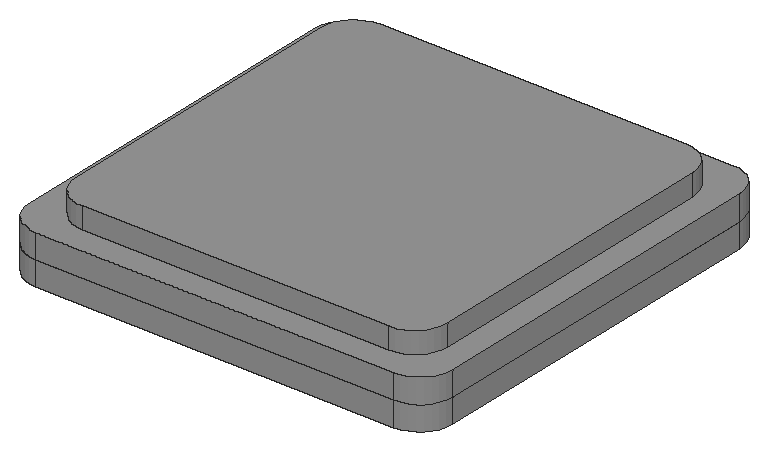
Revit family "FMS2_63_UN_Surface-mounted_ETK", category Lighting Fixtures, Revit 2019 (continued)
Definition of nested family "FMS.2 - Lightsource"
  Types (14, lengths in mm): name | Wattage Comments | Wattage | built-in parameter 1150134 | Photometric Web File | built-in parameter 1150142 | built-in parameter 1150105 | Lumens | built-in parameter 1150107 | built-in parameter 1150106 | Apparent Load
      .4653\t461.567\t460.6688\r\n459.6422\t458.744\t457.7174\t456.6909\t455.6643\t454.5094\t453.4829\t452.4563\t451.3014\t449.505\r\n447.5802\t445.6554\t443.7306\t441.8058\t439.881\t437.8278\t435.6464\t433.5933\t431.5402\t429.487\r\n427.4339\t425.2525\t423.1994\t421.1462\t418.8365\t416.655\t414.4736\t412.2922\t410.1107\t407.801\r\n405.4912\t403.1814\t400.7434\t398.5619\t396.2522\t393.6858\t390.8627\t388.0397\t385.2166\t382.2653\r\n379.4422\t376.4909\t373.4112\t370.4598\t367.5085\t364.5571\t361.6058\t358.7827\t355.8314\t352.88\r\n349.9286\t346.9773\t344.1542\t341.2029\t338.2515\t335.1718\t332.2205\t329.2691\t326.3178\t323.1098\r\n319.7734\t316.3088\t312.8442\t309.3795\t306.0432\t302.7069\t299.2422\t295.9059\t292.5696\t289.2333\r\n285.897\t282.4323\t279.096\t275.7597\t272.295\t268.9587\t265.6224\t262.2861\t258.9498\t255.7418\r\n252.2771\t248.8125\t245.2195\t241.7549\t238.1619\t234.6973\t231.1043\t227.6397\t224.175\t220.7104\r\n217.1174\t213.7811\t210.3165\t206.8518\t203.3872\t200.0509\t196.5862\t193.2499\t189.7853\t186.3206\r\n182.5994\t179.0064\t175.5418\t171.9488\t168.3558\t164.8912\t161.4266\t157.8336\t154.2406\t150.776\r\n147.183\t143.7184\t140.2538\t136.6608\t133.1962\t129.7315\t126.3439\t122.9691\t119.5942\t116.2323\r\n112.8831\t109.5468\t106.2105\t102.8998\t99.602\t96.3042\t93.0192\t89.747\t86.4877\t83.2412\r\n79.9947\t76.7482\t73.8867\t71.0764\t68.2791\t65.4945\t62.71\t59.9383\t57.1794\t54.4205\r\n51.6745\t48.9284\t46.1952\t43.462\t40.7288\t38.0084\t34.8004\t29.7702\t24.7401\t19.71\r\n14.6798\t9.6548\t4.6259\t0\t0\t0\t0\t0\t0\t0\r\n0\r\n473.6291\t473.1158\t472.6026\t471.961\t471.4477\t470.8061\t470.2928\t469.6512\t469.0096\t468.368\r\n467.7264\t466.9565\t466.1866\t465.4166\t464.6467\t463.8768\t463.1069\t462.337\t461.567\t460.7971\r\n459.8989\t458.8723\t457.9741\t457.0758\t456.0493\t455.0227\t453.9962\t452.0714\t450.2749\t448.4784\r\n446.6819\t444.7571\t442.8323\t440.9075\t438.9827\t437.0579\t435.1331\t433.2083\t431.1552\t429.1021\r\n427.049\t424.9958\t422.9427\t420.8896\t418.7082\t416.655\t414.6019\t412.5488\t410.3674\t408.1859\r\n406.0045\t403.823\t401\t398.177\t395.4822\t392.5309\t389.7078\t386.7565\t383.9334\t381.2387\r\n378.4157\t375.5926\t372.7696\t369.9466\t367.1235\t364.3005\t361.4774\t358.6544\t355.703\t352.88\r\n350.057\t347.2339\t344.2826\t341.4595\t338.5082\t335.1718\t331.8355\t328.6275\t325.2912\t321.9549\r\n318.6186\t315.2822\t311.9459\t308.6096\t305.2733\t301.937\t298.6006\t295.2643\t291.928\t288.72\r\n285.3837\t282.0474\t278.8394\t275.503\t272.295\t268.9587\t265.4941\t261.9011\t258.4365\t254.9718\r\n251.5072\t248.0426\t244.5779\t241.1133\t237.5203\t234.0557\t230.591\t227.1264\t223.6618\t220.1971\r\n216.8608\t213.3962\t209.9315\t206.5952\t203.2589\t199.7942\t196.2013\t192.6083\t189.0154\t185.4224\r\n181.8294\t178.2365\t174.6435\t171.1789\t167.5859\t164.1213\t160.5283\t157.0637\t153.599\t150.1344\r\n146.5414\t143.0768\t139.6122\t136.1475\t132.8112\t129.3466\t125.9461\t122.5584\t119.1708\t115.796\r\n112.4212\t109.0592\t105.71\t102.3609\t99.0245\t95.7011\t92.3904\t89.0797\t85.7819\t82.5483\r\n79.6739\t76.8124\t73.9508\t71.1021\t68.2534\t65.4175\t62.5817\t59.7458\t56.9099\t54.0997\r\n51.2767\t48.4665\t45.6563\t42.8589\t40.0615\t36.43\t31.4641\t26.4981\t21.5321\t16.5533\r\n11.5873\t6.6187\t1.6476\t0\t0\t0\t0\t0\t0\t0\r\n0\r\n473.6291\t473.1158\t472.4742\t471.961\t471.3194\t470.6778\t470.1645\t469.5229\t468.8813\t468.2397\r\n467.5981\t466.9565\t466.1866\t465.4166\t464.6467\t463.8768\t463.1069\t462.337\t461.567\t460.7971\r\n460.0272\t459.2573\t458.359\t457.4608\t456.5626\t455.0227\t453.2262\t451.4298\t449.6333\t447.7085\r\n445.912\t444.1155\t442.1907\t440.3942\t438.4694\t436.5446\t434.6198\t432.695\t430.7702\t428.8454\r\n426.9206\t424.9958\t423.071\t421.0179\t418.9648\t417.04\t414.9869\t412.9338\t410.7523\t408.0576\r\n405.3629\t402.6682\t399.9734\t397.2787\t394.584\t391.761\t389.0662\t386.2432\t383.5485\t380.7254\r\n377.9024\t375.2077\t372.3846\t369.6899\t366.8669\t364.1722\t361.3491\t358.6544\t355.9597\t353.265\r\n350.4419\t347.3622\t344.0259\t340.8179\t337.4816\t334.1453\t330.9373\t327.601\t324.393\t321.0566\r\n317.8486\t314.5123\t311.3043\t307.968\t304.76\t301.552\t298.344\t295.0077\t291.7997\t288.5917\r\n285.2554\t282.0474\t278.711\t275.1181\t271.6534\t268.1888\t264.7242\t261.2595\t257.7949\t254.4586\r\n250.9939\t247.5293\t244.0646\t240.6\t237.2637\t233.799\t230.3344\t226.9981\t223.5334\t220.0688\r\n216.7325\t213.2678\t209.6749\t206.0819\t202.489\t199.0243\t195.4314\t191.8384\t188.2454\t184.7808\r\n181.1878\t177.7232\t174.1302\t170.5373\t167.0726\t163.4797\t160.015\t156.5504\t152.9574\t149.4928\r\n146.0282\t142.6918\t139.2272\t135.8909\t132.4262\t129.0899\t125.7023\t122.3018\t118.9141\t115.5265\r\n112.1388\t108.764\t105.3892\t102.0144\t98.6396\t95.2776\t91.9156\t88.6306\t85.6664\t82.7279\r\n79.7765\t76.8508\t73.9252\t71.0123\t68.0994\t65.2122\t62.325\t59.4507\t56.5635\t53.6891\r\n50.8276\t47.966\t45.0916\t42.2429\t38.4703\t33.5428\t28.6154\t23.675\t18.7476\t13.8201\r\n8.8849\t3.9535\t0\t0\t0\t0\t0\t0\t0\t0\r\n0\r\n473.6291\t473.1158\t472.4742\t471.8326\t471.191\t470.6778\t470.0362\t469.3946\t468.753\t468.1114\r\n467.4698\t466.8282\t466.1866\t465.4166\t464.6467\t464.0051\t463.2352\t462.4653\t461.6954\t460.9254\r\n460.1555\t459.3856\t458.6157\t457.8458\t456.1776\t454.3811\t452.5846\t450.7882\t448.9917\t447.1952\r\n445.3987\t443.6022\t441.8058\t440.0093\t438.2128\t436.288\t434.4915\t432.5667\t430.6419\t428.8454\r\n426.9206\t424.9958\t423.071\t421.1462\t419.3498\t417.425\t415.2435\t412.5488\t409.9824\t407.2877\r\n404.593\t401.8982\t399.2035\t396.5088\t393.9424\t391.1194\t388.553\t385.8582\t383.1635\t380.4688\r\n377.7741\t375.0794\t372.513\t369.8182\t366.9952\t364.3005\t361.6058\t358.911\t355.8314\t352.6234\r\n349.4154\t346.2074\t342.9994\t339.7914\t336.5834\t333.3754\t330.1674\t326.9594\t323.7514\t320.5434\r\n317.3354\t314.1274\t310.9194\t307.7114\t304.6317\t301.4237\t298.2157\t295.0077\t291.928\t288.4634\r\n284.9987\t281.5341\t278.0694\t274.6048\t271.1402\t267.6755\t264.2109\t260.7462\t257.4099\t253.9453\r\n250.609\t247.1443\t243.808\t240.3434\t237.007\t233.6707\t230.2061\t226.8698\t223.5334\t219.9405\r\n216.3475\t212.7546\t209.1616\t205.5686\t201.9757\t198.3827\t194.9181\t191.3251\t187.8605\t184.2675\r\n180.8029\t177.2099\t173.7453\t170.2806\t166.6877\t163.223\t159.6301\t156.1654\t152.7008\t149.2362\r\n145.7715\t142.3069\t138.9706\t135.5059\t132.0413\t128.705\t125.266\t121.8655\t118.4779\t115.0774\r\n111.6897\t108.3021\t104.9144\t101.5396\t98.1648\t94.79\t91.8001\t88.8231\t85.8461\t82.8691\r\n79.9049\t76.9407\t73.9893\t71.038\t68.0866\t65.1352\t62.1839\t59.2453\t56.294\t53.3555\r\n50.4169\t47.4784\t44.5399\t40.8956\t35.9809\t31.0791\t26.1644\t21.2626\t16.3608\t11.45\r\n6.5443\t1.6399\t0\t0\t0\t0\t0\t0\t0\t0\r\n0\r\n473.6291\t473.1158\t472.4742\t471.8326\t471.191\t470.5494\t469.9078\t469.2662\t468.6246\t467.983\r\n467.3414\t466.6998\t466.0582\t465.4166\t464.775\t464.0051\t463.3635\t462.5936\t461.8237\t461.1821\r\n460.4122\t459.6422\t458.8723\t457.2042\t455.4077\t453.7395\t452.0714\t450.2749\t448.6067\t446.9386\r\n445.1421\t443.3456\t441.5491\t439.7526\t437.9562\t436.1597\t434.3632\t432.5667\t430.7702\t428.9738\r\n427.1773\t425.2525\t423.456\t421.6595\t419.6064\t416.9117\t414.3453\t411.7789\t409.0842\t406.5178\r\n403.9514\t401.2566\t398.6902\t396.1238\t393.5574\t390.8627\t388.2963\t385.7299\t383.0352\t380.4688\r\n377.7741\t375.2077\t372.513\t369.8182\t367.2518\t364.5571\t361.3491\t358.2694\t355.0614\t351.8534\r\n348.7738\t345.5658\t342.3578\t339.2781\t336.0701\t332.9904\t329.7824\t326.5744\t323.4947\t320.2867\r\n317.207\t313.999\t310.791\t307.7114\t304.5034\t301.2954\t298.0874\t294.6227\t291.1581\t287.8218\r\n284.3571\t280.8925\t277.5562\t274.0915\t270.7552\t267.2906\t263.8259\t260.4896\t257.1533\t253.6886\r\n250.3523\t247.016\t243.5514\t240.215\t236.8787\t233.5424\t230.0778\t226.4848\t222.8918\t219.4272\r\n215.8342\t212.2413\t208.6483\t205.0554\t201.5907\t197.9978\t194.4048\t190.9402\t187.3472\t183.8826\r\n180.2896\t176.825\t173.3603\t169.7674\t166.3027\t162.8381\t159.3734\t155.9088\t152.4442\t148.9795\r\n145.5149\t142.1786\t138.7139\t135.2493\t131.913\t128.4483\t125.035\t121.6089\t118.1956\t114.7694\r\n111.3689\t107.9556\t104.5551\t101.1547\t97.9467\t94.944\t91.9284\t88.9258\t85.9102\t82.9076\r\n79.9049\t76.9022\t73.8995\t70.9096\t67.9069\t64.9171\t61.9272\t58.9374\t55.9604\t52.9705\r\n49.9935\t47.0036\t43.7186\t38.8296\t33.9278\t29.0388\t24.137\t19.248\t14.359\t9.4598\r\n4.5656\t0\t0\t0\t0\t0\t0\t0\t0\t0\r\n0\r\n473.6291\t472.9875\t472.3459\t471.7043\t471.191\t470.5494\t469.9078\t469.2662\t468.6246\t467.983\r\n467.3414\t466.6998\t466.0582\t465.4166\t464.6467\t464.0051\t463.3635\t462.7219\t462.0803\t461.3104\r\n460.6688\t459.8989\t458.4874\t456.8192\t455.151\t453.3546\t451.6864\t449.8899\t448.2218\t446.4253\r\n444.7571\t443.089\t441.2925\t439.6243\t437.8278\t436.1597\t434.3632\t432.5667\t430.7702\t428.9738\r\n427.1773\t425.3808\t423.7126\t421.4029\t418.8365\t416.3984\t413.832\t411.2656\t408.6992\t406.1328\r\n403.5664\t401\t398.4336\t395.8672\t393.3008\t390.7344\t388.168\t385.6016\t383.0352\t380.4688\r\n377.9024\t375.336\t372.7696\t370.0749\t367.1235\t363.9155\t360.8358\t357.6278\t354.5482\t351.4685\r\n348.2605\t345.1808\t342.1011\t339.0214\t335.8134\t332.7338\t329.6541\t326.4461\t323.3664\t320.1584\r\n317.0787\t313.999\t310.791\t307.7114\t304.375\t301.0387\t297.5741\t294.2378\t290.7731\t287.4368\r\n283.9722\t280.6358\t277.1712\t273.8349\t270.4986\t267.0339\t263.6976\t260.3613\t256.8966\t253.5603\r\n250.224\t246.8877\t243.423\t240.0867\t236.6221\t233.1574\t229.5645\t226.0998\t222.5069\t218.9139\r\n215.4493\t211.8563\t208.3917\t204.7987\t201.3341\t197.7411\t194.2765\t190.6835\t187.2189\t183.6259\r\n180.1613\t176.5683\t173.1037\t169.5107\t166.0461\t162.5814\t159.1168\t155.7805\t152.3158\t148.8512\r\n145.3866\t141.9219\t138.4573\t134.9926\t131.528\t128.1532\t124.7142\t121.2752\t117.8491\t114.4101\r\n110.984\t107.5578\t104.1188\t101.0007\t97.9723\t94.944\t91.9156\t88.8873\t85.8589\t82.8434\r\n79.815\t76.7995\t73.784\t70.7556\t67.7401\t64.7246\t61.7091\t58.6936\t55.678\t52.6625\r\n49.6598\t46.6443\t42.089\t37.2\t32.2981\t27.4092\t22.5073\t17.6183\t12.7255\t7.8314\r\n2.9372\t0\t0\t0\t0\t0\t0\t0\t0\t0\r\n0\r\n473.6291\t472.9875\t472.3459\t471.7043\t471.0627\t470.4211\t469.7795\t469.1379\t468.4963\t467.8547\r\n467.2131\t466.5715\t465.9299\t465.2883\t464.6467\t464.0051\t463.3635\t462.7219\t462.0803\t461.4387\r\n460.7971\t459.7706\t458.1024\t456.5626\t454.7661\t453.0979\t451.4298\t449.7616\t448.0934\t446.4253\r\n444.6288\t442.9606\t441.2925\t439.496\t437.8278\t436.1597\t434.3632\t432.695\t430.8986\t429.2304\r\n427.4339\t425.7658\t423.456\t421.0179\t418.4515\t415.8851\t413.447\t410.8806\t408.3142\t405.8762\r\n403.3098\t400.7434\t398.177\t395.6106\t393.0442\t390.6061\t388.0397\t385.4733\t383.0352\t380.4688\r\n377.9024\t375.336\t372.6413\t369.5616\t366.4819\t363.4022\t360.3226\t357.2429\t354.1632\t351.0835\r\n348.0038\t344.9242\t341.7162\t338.6365\t335.5568\t332.4771\t329.3974\t326.3178\t323.2381\t320.1584\r\n317.0787\t313.999\t310.9194\t307.4547\t304.1184\t300.6538\t297.3174\t293.9811\t290.5165\t287.1802\r\n283.8438\t280.3792\t277.0429\t273.7066\t270.3702\t266.9056\t263.5693\t260.233\t256.7683\t253.432\r\n250.0957\t246.7594\t243.2947\t239.8301\t236.2371\t232.7725\t229.1795\t225.7149\t222.2502\t218.6573\r\n215.1926\t211.5997\t208.135\t204.5421\t201.0774\t197.6128\t194.0198\t190.5552\t187.0906\t183.4976\r\n180.033\t176.5683\t172.9754\t169.5107\t166.0461\t162.5814\t159.1168\t155.6522\t152.1875\t148.7229\r\n145.2582\t141.7936\t138.329\t134.8643\t131.3997\t127.9864\t124.5346\t121.0699\t117.6181\t114.1663\r\n110.7145\t107.2627\t104.1188\t101.0648\t98.0236\t94.9825\t91.9413\t88.9001\t85.8589\t82.8177\r\n79.7765\t76.7354\t73.707\t70.6658\t67.6246\t64.5835\t61.5551\t58.5139\t55.4727\t52.4444\r\n49.4032\t45.7461\t40.8571\t35.9553\t31.0534\t26.1516\t21.2626\t16.3608\t11.459\t6.5597\r\n1.6617\t0\t0\t0\t0\t0\t0\t0\t0\t0\r\n0\r\n473.6291\t472.9875\t472.3459\t471.7043\t471.0627\t470.4211\t469.7795\t469.1379\t468.4963\t467.8547\r\n467.2131\t466.5715\t465.9299\t465.2883\t464.6467\t464.0051\t463.3635\t462.7219\t462.0803\t461.4387\r\n460.7971\t459.5139\t457.8458\t456.1776\t454.5094\t452.8413\t451.1731\t449.505\t447.8368\t446.1686\r\n444.5005\t442.9606\t441.2925\t439.6243\t437.9562\t436.288\t434.6198\t432.8234\t431.1552\t429.487\r\n427.8189\t425.7658\t423.1994\t420.7613\t418.1949\t415.7568\t413.1904\t410.7523\t408.1859\t405.6195\r\n403.1814\t400.615\t398.177\t395.6106\t393.0442\t390.6061\t388.0397\t385.6016\t383.0352\t380.5971\r\n378.0307\t375.4643\t372.3846\t369.305\t366.2253\t363.1456\t360.0659\t356.9862\t353.9066\t350.8269\r\n347.7472\t344.6675\t341.5878\t338.5082\t335.4285\t332.4771\t329.3974\t326.3178\t323.2381\t320.1584\r\n317.0787\t313.999\t310.6627\t307.1981\t303.8618\t300.5254\t297.1891\t293.8528\t290.3882\t287.0518\r\n283.7155\t280.3792\t276.9146\t273.5782\t270.2419\t266.9056\t263.5693\t260.1046\t256.7683\t253.432\r\n250.0957\t246.631\t243.1664\t239.7018\t236.1088\t232.6442\t229.0512\t225.5866\t221.9936\t218.529\r\n215.0643\t211.4714\t208.0067\t204.4138\t200.9491\t197.4845\t193.8915\t190.4269\t186.8339\t183.3693\r\n179.9046\t176.3117\t172.847\t169.3824\t165.9178\t162.4531\t158.9885\t155.5238\t152.0592\t148.5946\r\n145.1299\t141.7936\t138.329\t134.8643\t131.3997\t127.8965\t124.4319\t120.9801\t117.5155\t114.0636\r\n110.599\t107.314\t104.26\t101.1932\t98.1391\t95.0723\t92.0183\t88.9514\t85.8974\t82.8306\r\n79.7765\t76.7225\t73.6557\t70.6017\t67.5476\t64.4936\t61.4396\t58.3856\t55.3188\t52.2647\r\n49.2107\t44.8607\t39.9588\t35.057\t30.1552\t25.2534\t20.3516\t15.4497\t10.5453\t5.6435\r\n0.741\t0\t0\t0\t0\t0\t0\t0\t0\t0\r\n0\r\n473.6291\t472.9875\t472.3459\t471.7043\t471.0627\t470.4211\t469.7795\t469.1379\t468.4963\t467.8547\r\n467.2131\t466.5715\t465.9299\t465.2883\t464.6467\t464.0051\t463.3635\t462.7219\t462.0803\t461.567\r\n460.9254\t459.2573\t457.5891\t456.0493\t454.3811\t452.713\t451.0448\t449.3766\t447.7085\t446.0403\r\n444.3722\t442.704\t441.1642\t439.496\t437.8278\t436.1597\t434.4915\t432.8234\t431.1552\t429.487\r\n427.8189\t425.5091\t422.9427\t420.5046\t417.9382\t415.5002\t413.0621\t410.4957\t408.0576\t405.4912\r\n403.0531\t400.615\t398.0486\t395.6106\t393.0442\t390.6061\t388.0397\t385.6016\t383.1635\t380.5971\r\n378.159\t375.2077\t372.128\t369.0483\t366.097\t363.0173\t359.9376\t356.9862\t353.9066\t350.8269\r\n347.7472\t344.7958\t341.7162\t338.6365\t335.5568\t332.6054\t329.5258\t326.4461\t323.3664\t320.2867\r\n317.207\t313.999\t310.5344\t307.1981\t303.8618\t300.3971\t297.0608\t293.7245\t290.3882\t286.9235\r\n283.5872\t280.2509\t276.9146\t273.5782\t270.1136\t266.7773\t263.441\t260.1046\t256.7683\t253.3037\r\n249.9674\t246.5027\t243.0381\t239.4451\t235.9805\t232.5158\t228.9229\t225.4582\t221.9936\t218.4006\r\n214.936\t211.4714\t207.8784\t204.4138\t200.9491\t197.3562\t193.8915\t190.4269\t186.8339\t183.3693\r\n179.9046\t176.44\t172.9754\t169.5107\t166.0461\t162.5814\t159.1168\t155.6522\t152.1875\t148.7229\r\n145.2582\t141.7936\t138.329\t134.8643\t131.3997\t127.8709\t124.4062\t120.9416\t117.477\t114.0123\r\n110.5477\t107.4295\t104.3627\t101.2958\t98.229\t95.1621\t92.0953\t89.0284\t85.9616\t82.8947\r\n79.8279\t76.761\t73.6942\t70.6273\t67.5605\t64.4936\t61.4268\t58.3599\t55.2931\t52.2262\r\n49.1594\t44.3859\t39.4712\t34.5566\t29.6548\t24.7401\t19.8254\t14.9236\t10.0077\t5.0969\r\n0.1859\t0\t0\t0\t0\t0\t0\t0\t0\t0\r\n0\r\n473.6291\t472.9875\t472.4742\t471.8326\t471.191\t470.5494\t469.9078\t469.2662\t468.6246\t467.983\r\n467.3414\t466.6998\t466.0582\t465.4166\t464.775\t464.1334\t463.4918\t462.8502\t462.2086\t461.567\r\n460.9254\t459.2573\t457.7174\t456.0493\t454.3811\t452.713\t451.0448\t449.3766\t447.7085\t446.0403\r\n444.5005\t442.8323\t441.1642\t439.496\t437.8278\t436.1597\t434.4915\t432.8234\t431.2835\t429.6154\r\n427.9472\t425.3808\t422.9427\t420.3763\t417.9382\t415.5002\t412.9338\t410.4957\t407.9293\t405.4912\r\n402.9248\t400.4867\t397.9203\t395.4822\t393.0442\t390.4778\t388.0397\t385.4733\t383.0352\t380.4688\r\n378.0307\t374.951\t371.9997\t368.92\t365.8403\t362.889\t359.8093\t356.7296\t353.7782\t350.6986\r\n347.6189\t344.6675\t341.5878\t338.5082\t335.5568\t332.4771\t329.3974\t326.4461\t323.3664\t320.2867\r\n317.3354\t313.8707\t310.5344\t307.1981\t303.8618\t300.5254\t297.0608\t293.7245\t290.3882\t287.0518\r\n283.7155\t280.2509\t276.9146\t273.5782\t270.2419\t266.9056\t263.441\t260.1046\t256.7683\t253.432\r\n249.9674\t246.5027\t243.0381\t239.5734\t235.9805\t232.5158\t229.0512\t225.4582\t221.9936\t218.529\r\n215.0643\t211.4714\t208.0067\t204.5421\t200.9491\t197.4845\t194.0198\t190.4269\t186.9622\t183.4976\r\n180.033\t176.5683\t172.9754\t169.5107\t166.0461\t162.5814\t159.1168\t155.6522\t152.1875\t148.7229\r\n145.2582\t141.7936\t138.329\t134.8643\t131.3997\t127.935\t124.4704\t121.0058\t117.5283\t114.0636\r\n110.599\t107.5322\t104.4525\t101.3856\t98.3188\t95.2519\t92.1851\t89.1182\t86.0514\t82.9717\r\n79.9049\t76.838\t73.7712\t70.7043\t67.6375\t64.5706\t61.5038\t58.4241\t55.3572\t52.2904\r\n49.2236\t44.2961\t39.3814\t34.4539\t29.5393\t24.6118\t19.6843\t14.7696\t9.8447\t4.9224\r\n0\t0\t0\t0\t0\t0\t0\t0\t0\t0\r\n0\r\n473.6291\t472.9875\t472.3459\t471.8326\t471.191\t470.5494\t469.9078\t469.2662\t468.6246\t467.983\r\n467.3414\t466.6998\t466.0582\t465.4166\t464.6467\t464.0051\t463.3635\t462.7219\t462.0803\t461.4387\r\n460.7971\t459.2573\t457.5891\t455.921\t454.2528\t452.713\t451.0448\t449.3766\t447.7085\t446.0403\r\n444.3722\t442.8323\t441.1642\t439.496\t437.8278\t436.1597\t434.4915\t432.9517\t431.2835\t429.6154\r\n427.9472\t425.6374\t423.071\t420.633\t418.1949\t415.6285\t413.1904\t410.624\t408.1859\t405.6195\r\n403.1814\t400.615\t398.177\t395.6106\t393.1725\t390.6061\t388.168\t385.7299\t383.1635\t380.7254\r\n378.159\t375.2077\t372.128\t369.1766\t366.097\t363.0173\t359.9376\t356.8579\t353.9066\t350.8269\r\n347.7472\t344.6675\t341.7162\t338.6365\t335.5568\t332.4771\t329.3974\t326.4461\t323.3664\t320.2867\r\n317.207\t313.999\t310.6627\t307.1981\t303.8618\t300.5254\t297.1891\t293.8528\t290.5165\t287.0518\r\n283.7155\t280.3792\t277.0429\t273.7066\t270.3702\t266.90
